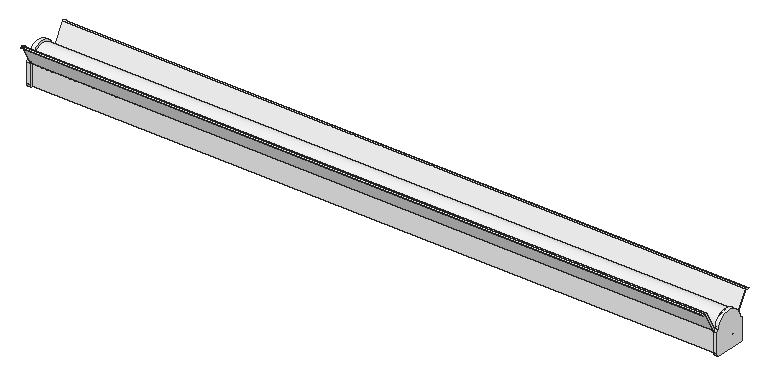
Revit family "0045214+0045235 Feilo Sylvania Lighting Fixture SYLBATTEN LED4 6000K DALI TP6 E3 with SYMMETRIC REFLECTOR ACCESSORY 1500MM", category Lighting Fixtures, host Face, Revit 2017
Family settings
  Host = Face
  Round Connector Dimension = Use Diameter
  Part Type = Normal
  OmniClass Number = 23.80.70.00
  OmniClass Title = Lighting
  Cut with Voids When Loaded = No
  Light Source = Yes
  Shared = No
  Room Calculation Point = No
Parameters (values of type "0045214 SYLBATTEN LED4 6000K DALI TP6 E3")
  Width_FEILO = 66 mm
  Weight = "3.7 kg"
  Wattage Comments = "n/a"
  Wattage = 42 W
  WarrantyStartDate [instance] = "n/a"
  WarrantyGuarantorParts = "n/a"
  WarrantyDurationUnit = "n/a"
  WarrantyDurationParts = "n/a"
  WarrantyDescription = "n/a"
  built-in parameter 1150110 = 1 (stored number, unit not read)
  Voltage = 230 V
  URL = "http://www.sylvania-lighting.com"
  TypeName = "SYLBATTEN LED4 6000K DALI TP6 E3"
  Type Image = <None>
  Type Comments = "n/a"
  built-in parameter 1114217 = 1 (stored number, unit not read)
  Tilt Angle = -90.00°
  built-in parameter 1150109 = 1 (stored number, unit not read)
  built-in parameter 1150134 = 5
  SymReflector_FEILO = yes
  built-in parameter 1150113 = 1 (stored number, unit not read)
  SerialNumber [instance] = "n/a"
  PowerFactor = 0
  PowerConsumption = "42 W"
  Photometric Web File = "0045214+0045235.ies"
  NominalLength = 1505 mm
  NominalHeight = 76 mm
  NominalDepth = 66 mm
  Name = "SYLBATTEN LED4 6000K DALI TP6 E3"
  ModelReference = Name  # "SYLBATTEN LED4 6000K DALI TP6 E3"
  ModelNumber = "0045214"
  Model = Name  # "SYLBATTEN LED4 6000K DALI TP6 E3"
  Material_4_FEILO = Reflector-Sylvania-Sylbatten-White
  Material_3_FEILO = Diffuser-Sylvania-Sylbatten-Glow
  Material_2_FEILO = Body-Sylvania-Sylbatten-White
  Material_1_FEILO = Body-Sylvania-Sylbatten-White
  Material = "sheet steel housing, polycarbonate diffuser"
  ManufacturerName = "Feilo Sylvania"
  Manufacturer = "Feilo Sylvania"
  LuminousEfficacy = "104.2 lm/W"
  built-in parameter 1150105 = 348.36 (stored number, unit not read)
  Lumens = 4377.66 lm
  LuminaireType = ""
  built-in parameter 1150115 = 1 (stored number, unit not read)
  LightOutputRatio = "100"
  built-in parameter 1150137 = (empty or 0)
  built-in parameter 1150139 = (empty or 0)
  Length_FEILO = 1505 mm
  LampsType = Lamp  # "LED"
  LampNominalLuminous = "4378 lm"
  LampMacAdamStep = "n/a"
  LampColourTemperature = "6000 K"
  LampColourRenderingIndex = "80"
  built-in parameter 1150112 = 1 (stored number, unit not read)
  built-in parameter 1150114 = 1 (stored number, unit not read)
  Lamp = "LED"
  Keynote = "16500"
  InstallationDate [instance] = "n/a"
  InputVoltage = "220-240V~"
  InputNominalFrequency = "n/a"
  built-in parameter 1150132 = (empty or 0)
  built-in parameter 1150102 = (empty or 0)
  built-in parameter 1150107 = 6000 (stored number, unit not read)
  built-in parameter 1150138 = (empty or 0)
  IngressProtection = "IP20"
  ImpactProtectionIndex = "IK07"
  built-in parameter 1150106 = 3.4836 (stored number, unit not read)
  IfcExportType = "IfcLightFixtureType"
  IfcExportAs = "IfcLightFixtureType"
  Height_FEILO = 76 mm
  ExpectedLife = 50000
  Emit from Rectangle Width = Length_FEILO - 16 mm  # 1489 mm
  Emit from Rectangle Length = Width_FEILO - 40 mm  # 26 mm
  Emit Shape Visible in Rendering = no
  ElectricShockClassification = "Class I"
  built-in parameter 1150104 = 9.6833 (stored number, unit not read)
  DurationUnit = "hours"
  DocumentationLiterature = "http://www.sylvania-lighting.com/product/en-int/products/0045214"
  DimmingControlOptions = "Dimmable"
  Dimming Lamp Color Temperature Shift = <None>
  Description = "LED batten, T8 replacement, ease of installation through 2 part push-in design of the housing (safety cable included), through wiring capability (TP6 = 6 core), sheet steel, 4377LM, 39W, 112m/W, 6000K, drive current: 350mA, CRI 80, 138° wide beam angle, DALI dimmable, integral 3 hour maintained emergency, IP20, IK07, 50,000 hrs (L70), (LxWxH) 1505x66x76mm, 5 step MacAdam ellipse, 3.7kg, white RAL 9016, Class 1, 220-240V, energy class: A++, A+, A."
  Default Elevation = 1219.2 mm
  CreatedOn = "2/22/2018"
  CreatedBy = ""
  Cost = 0
  Color Filter = 16777215
  built-in parameter 1114216 [instance] = (empty or 0)
  ClassificationValue = "EF_70_80"
  ClassificationName = "Uniclass2015"
  CapOffset_FEILO = 2 mm
  BarCode [instance] = "n/a"
  built-in parameter 1114218 = 1 (stored number, unit not read)
  BackReflector_FEILO = and(not(AsymReflector_FEILO), SymReflector_FEILO)  # yes
  built-in parameter 1150133 = 10 (stored number, unit not read)
  FrontReflector_FEILO = or(AsymReflector_FEILO, SymReflector_FEILO)  # yes
  AsymReflector_FEILO = no
  AssetType = "Fixed"
  AssetIdentifier [instance] = "n/a"
  Assembly Code = "D5020200"
  Apparent Load = 42 VA
Reference planes
  plane 1 "Center (Front/Back)": y = 0
  plane 2: z = 0
  plane 3 "Center (Left/Right)": x = 0
  plane 4: x = 752.5
  plane 5: x = -752.5
  plane 6: y = 33
  plane 7: y = -33
  plane 8: z = 76
  plane 9: z = 47
  plane 10: y = -29
  plane 11: y = 29
  plane 12: z = 20
  plane 13: z = 74
  plane 14: y = -31
  plane 15: y = -27
  plane 16: y = 27
  plane 17: y = 31
  plane 18: z = 2
  plane 19: x = -744.5
  plane 20: x = 744.5
  plane 21: z = 49
  plane 22: y = 1
  plane 23: y = -1
  plane 24: z = 21
  plane 25: z = 19
  plane 26: y = -61
  plane 27: y = 61
  plane 28: y = -56
  plane 29: y = 56
  plane 30: z = 91
  plane 31: z = 88
Forms (mm)
  Extrusion 1, solid, material "Body-Sylvania-Sylbatten-White" <- "Material_2_FEILO"
    sketch origin (0, 0, 0) x (0, 1, 0) y (0, 0, 1)
      loop
        line (-31, 2) -> (31, 2) -> (31, 45)
        arc (31, 45) -> (30.414, 46.414) -> (29, 47) r 2
        line (29, 47) -> (27, 47)
        arc (27, 47) -> (0, 74) -> (-27, 47) r 27
        line (-27, 47) -> (-29, 47)
        arc (-29, 47) -> (-30.414, 46.414) -> (-31, 45) r 2
        line (-31, 45) -> (-31, 2)
    from -744.5 to 744.5
  Extrusion 2, solid, material "Body-Sylvania-Sylbatten-White" <- "Material_2_FEILO"
    sketch origin (752.5, 1524, 1219.2) x (0, 1, 0) y (0, 0, 1)
      loop
        arc (-1494, -1219.2) -> (-1491.879, -1218.321) -> (-1491, -1216.2) r 3
        line (-1491, -1216.2) -> (-1491, -1173.2)
        arc (-1491, -1173.2) -> (-1491.879, -1171.079) -> (-1494, -1170.2) r 3
        line (-1494, -1170.2) -> (-1495.069, -1170.2)
        arc (-1495.069, -1170.2) -> (-1524, -1143.2) -> (-1552.931, -1170.2) r 29
        line (-1552.931, -1170.2) -> (-1554, -1170.2)
        arc (-1554, -1170.2) -> (-1556.121, -1171.079) -> (-1557, -1173.2) r 3
        line (-1557, -1173.2) -> (-1557, -1216.2)
        arc (-1557, -1216.2) -> (-1556.121, -1218.321) -> (-1554, -1219.2) r 3
        line (-1554, -1219.2) -> (-1494, -1219.2)
      loop
        arc (-1525, -1189.25) -> (-1531.071, -1192.129) -> (-1533.95, -1198.2) r 10
        line (-1533.95, -1198.2) -> (-1532.944, -1198.2)
        arc (-1532.944, -1198.2) -> (-1530.364, -1192.836) -> (-1525, -1190.256) r 9
        line (-1525, -1190.256) -> (-1525, -1189.25)
      loop
        arc (-1523, -1190.256) -> (-1517.636, -1192.836) -> (-1515.056, -1198.2) r 9
        line (-1515.056, -1198.2) -> (-1514.05, -1198.2)
        arc (-1514.05, -1198.2) -> (-1516.929, -1192.129) -> (-1523, -1189.25) r 10
        line (-1523, -1189.25) -> (-1523, -1190.256)
      loop
        line (-1532.944, -1200.2) -> (-1533.95, -1200.2)
        arc (-1533.95, -1200.2) -> (-1531.071, -1206.271) -> (-1525, -1209.15) r 10
        line (-1525, -1209.15) -> (-1525, -1208.144)
        arc (-1525, -1208.144) -> (-1530.364, -1205.564) -> (-1532.944, -1200.2) r 9
      loop
        arc (-1515.056, -1200.2) -> (-1517.636, -1205.564) -> (-1523, -1208.144) r 9
        line (-1523, -1208.144) -> (-1523, -1209.15)
        arc (-1523, -1209.15) -> (-1516.929, -1206.271) -> (-1514.05, -1200.2) r 10
        line (-1514.05, -1200.2) -> (-1515.056, -1200.2)
    from 0 to -8
  Extrusion 3, solid, material "Body-Sylvania-Sylbatten-White" <- "Material_2_FEILO"
    sketch origin (-752.5, 1524, 1219.2) x (0, 1, 0) y (0, 0, 1)
      loop
        arc (-1495.069, -1170.2) -> (-1524, -1143.2) -> (-1552.931, -1170.2) r 29
        line (-1552.931, -1170.2) -> (-1554, -1170.2)
        arc (-1554, -1170.2) -> (-1556.121, -1171.079) -> (-1557, -1173.2) r 3
        line (-1557, -1173.2) -> (-1557, -1216.2)
        arc (-1557, -1216.2) -> (-1556.121, -1218.321) -> (-1554, -1219.2) r 3
        line (-1554, -1219.2) -> (-1494, -1219.2)
        arc (-1494, -1219.2) -> (-1491.879, -1218.321) -> (-1491, -1216.2) r 3
        line (-1491, -1216.2) -> (-1491, -1173.2)
        arc (-1491, -1173.2) -> (-1491.879, -1171.079) -> (-1494, -1170.2) r 3
        line (-1494, -1170.2) -> (-1495.069, -1170.2)
      loop
        line (-1533.95, -1198.2) -> (-1532.944, -1198.2)
        arc (-1532.944, -1198.2) -> (-1530.364, -1192.836) -> (-1525, -1190.256) r 9
        line (-1525, -1190.256) -> (-1525, -1189.25)
        arc (-1525, -1189.25) -> (-1531.071, -1192.129) -> (-1533.95, -1198.2) r 10
      loop
        line (-1523, -1189.25) -> (-1523, -1190.256)
        arc (-1523, -1190.256) -> (-1517.636, -1192.836) -> (-1515.056, -1198.2) r 9
        line (-1515.056, -1198.2) -> (-1514.05, -1198.2)
        arc (-1514.05, -1198.2) -> (-1516.929, -1192.129) -> (-1523, -1189.25) r 10
      loop
        line (-1514.05, -1200.2) -> (-1515.056, -1200.2)
        arc (-1515.056, -1200.2) -> (-1517.636, -1205.564) -> (-1523, -1208.144) r 9
        line (-1523, -1208.144) -> (-1523, -1209.15)
        arc (-1523, -1209.15) -> (-1516.929, -1206.271) -> (-1514.05, -1200.2) r 10
      loop
        line (-1525, -1209.15) -> (-1525, -1208.144)
        arc (-1525, -1208.144) -> (-1530.364, -1205.564) -> (-1532.944, -1200.2) r 9
        line (-1532.944, -1200.2) -> (-1533.95, -1200.2)
        arc (-1533.95, -1200.2) -> (-1531.071, -1206.271) -> (-1525, -1209.15) r 10
    from 0 to 8
  Extrusion 4, solid, material "Reflector-Sylvania-Sylbatten-White" <- "Material_4_FEILO", visible <- "FrontReflector_FEILO"
    sketch origin (0, 0, 0) x (0, 1, 0) y (0, 0, 1)
      loop
        line (-61.257, 88.429) -> (-60.743, 87.571) -> (-56.621, 90.044)
        arc (-56.621, 90.044) -> (-56.237, 90.099) -> (-55.929, 89.863) r 0.5
        line (-55.929, 89.863) -> (-31.435, 46.753) -> (-30.565, 47.247) -> (-55.312, 90.802)
        arc (-55.312, 90.802) -> (-55.928, 91.275) -> (-56.696, 91.165) r 1
        line (-56.696, 91.165) -> (-61.257, 88.429)
    from -744.5 to 744.5
  Extrusion 5, solid, material "Reflector-Sylvania-Sylbatten-White" <- "Material_4_FEILO", visible <- "BackReflector_FEILO"
    sketch origin (0, 0, 0) x (0, 1, 0) y (0, 0, 1)
      loop
        line (30.565, 47.247) -> (31.435, 46.753) -> (55.932, 89.868)
        arc (55.932, 89.868) -> (56.245, 90.112) -> (56.638, 90.062) r 0.518
        line (56.638, 90.062) -> (61.033, 87.565) -> (61.527, 88.435) -> (56.682, 91.188)
        arc (56.682, 91.188) -> (55.922, 91.282) -> (55.318, 90.812) r 1
        line (55.318, 90.812) -> (30.565, 47.247)
    from -744.5 to 744.5
Lines and regions (mm)
  reference lines
    curve 1: line (0, -61, 88) -> (0, -56, 91)
    curve 2: line (0, -56, 91) -> (0, -31, 47)
    curve 3: line (0, 31, 47) -> (0, 56, 91)
    curve 4: line (0, 56, 91) -> (0, 61.28, 88)
Dimensions and locks
  equal spacing: plane 5, plane 3 "Center (Left/Right)", plane 4
  equal spacing: plane 7, plane 1 "Center (Front/Back)", plane 6
  "Width_FEILO": plane 7 to plane 6
  "Length_FEILO": plane 5 to plane 4
  "Height_FEILO": plane 8 to plane 2
  locked: plane 9 to plane 8 at 29
  equal spacing: plane 10, plane 1 "Center (Front/Back)", plane 11
  locked: plane 7 to plane 10 at 4
  locked: plane 12 to plane 2 at 20
  "CapOffset_FEILO": plane 13 to plane 8
  "CapOffset_FEILO": plane 7 to plane 14
  "CapOffset_FEILO": plane 10 to plane 15
  "CapOffset_FEILO": plane 17 to plane 6
  "CapOffset_FEILO": plane 16 to plane 11
  "CapOffset_FEILO": plane 18 to plane 2
  locked: plane 14 to Extrusion 1 sketch curve at 2
  locked: Extrusion 1 sketch curve to plane 9 at 2  (x2)
  locked: plane 16 to Extrusion 1 sketch curve at 2
  equal spacing: plane 19, plane 3 "Center (Left/Right)", plane 20
  locked: plane 5 to plane 19 at 8
  "CapOffset_FEILO": plane 9 to plane 21
  locked: Extrusion 2 sketch curve to plane 2 at 47
  locked: Extrusion 1 sketch curve to plane 2 at 47
  locked: Extrusion 2 sketch curve to plane 2 at 3  (x2)
  locked: plane 7 to Extrusion 2 sketch curve at 3  (x2)
  locked: Extrusion 2 sketch curve to plane 6 at 3  (x2)
  locked: Extrusion 2 sketch curve to plane 21 at 3  (x2)
  equal spacing: plane 23, plane 1 "Center (Front/Back)", plane 22
  equal spacing: plane 25, plane 12, plane 24
  plane 30 to plane 31 to plane 2 = 3 mm locked, 88 mm locked
  plane 28 to plane 29 = 112 mm
  plane 26 to plane 27 = 122 mm
  aligned and locked: plane 2 to host face
  aligned and locked: level to host face
  aligned and locked: plane 18 to Extrusion 1 sketch curve
  aligned and locked: plane 14 to Extrusion 1 sketch curve
  aligned and locked: Extrusion 1 sketch curve to plane 9  (x2)
  aligned and locked: Extrusion 1 sketch curve to plane 17
  aligned and locked: plane 15 to Extrusion 1 sketch curve
  aligned and locked: plane 16 to Extrusion 1 sketch curve
  aligned and locked: plane 9 to Extrusion 1 sketch curve
  aligned and locked: plane 20 to Extrusion 1
  aligned and locked: level to Extrusion 2 sketch curve
  aligned and locked: Extrusion 2 sketch curve to plane 7
  aligned and locked: plane 21 to Extrusion 2 sketch curve
  aligned and locked: Extrusion 2 sketch curve to plane 21
  aligned and locked: plane 1 "Center (Front/Back)" to Extrusion 2 sketch curve  (x3)
  aligned and locked: Extrusion 2 to Extrusion 1
  aligned and locked: plane 4 to Extrusion 2
  aligned and locked: plane 12 to Extrusion 2 sketch curve  (x2)
  aligned and locked: Extrusion 2 sketch curve to plane 22
  aligned and locked: Extrusion 2 sketch curve to plane 23
  aligned and locked: Extrusion 2 sketch curve to plane 24
  aligned and locked: Extrusion 2 sketch curve to plane 25
  aligned and locked: plane 25 to Extrusion 2 sketch curve
  aligned and locked: plane 22 to Extrusion 2 sketch curve
  aligned and locked: plane 24 to Extrusion 2 sketch curve
  aligned and locked: plane 23 to Extrusion 2 sketch curve  (x2)
  aligned and locked: Extrusion 3 sketch curve to Extrusion 2  (x22)
  aligned and locked: Extrusion 3 to Extrusion 1
  aligned and locked: Extrusion 3 to plane 5
  aligned and locked: plane 19 to Extrusion 3
  aligned and locked: plane 31 to curve 1
  aligned and locked: plane 30 to curve 1
  aligned and locked: plane 14 to curve 2
  aligned and locked: plane 9 to curve 2
  aligned and locked: plane 17 to curve 3
  aligned and locked: plane 30 to curve 3
  aligned and locked: plane 31 to curve 4
  aligned and locked: Extrusion 4 sketch curve to curve 2
  aligned and locked: Extrusion 4 sketch curve to curve 1
  aligned and locked: Extrusion 4 to Extrusion 1
  aligned and locked: Extrusion 1 to Extrusion 4
  aligned and locked: imposter light to plane 1 "Center (Front/Back)"
  aligned and locked: imposter light to plane 3 "Center (Left/Right)"
  aligned and locked: imposter light to plane 13
  aligned and locked: Extrusion 5 sketch curve to curve 4
  aligned and locked: Extrusion 5 sketch curve to curve 3
  aligned and locked: Extrusion 1 to Extrusion 5
  aligned and locked: Extrusion 5 to Extrusion 1
Automatic sketch dimensions
  host sketch curve to host sketch curve = 2438.4 mm  (x2)
  Extrusion 2 sketch curve to Extrusion 2 sketch curve = 0 mm  (x14)
  Extrusion 2 sketch curve to plane 10 = 0.069 mm
  plane 23 to Extrusion 2 sketch curve = 8.95 mm
  Extrusion 2 sketch curve to Extrusion 2 sketch curve = 1.006 mm  (x4)
  Extrusion 2 sketch curve to plane 22 = 7.944 mm
  curve 1 to plane 26 = 0 mm
  curve 2 to plane 28 = 0 mm
  curve 4 to plane 29 = 0 mm
  plane 9 to curve 3 = 0 mm
  plane 26 to Extrusion 4 sketch curve = 0.257 mm
  Extrusion 4 sketch curve to plane 26 = 0.257 mm
  Extrusion 4 sketch curve to plane 30 = 0.165 mm
  plane 28 to Extrusion 4 sketch curve = 0.696 mm
  plane 28 to Extrusion 4 sketch curve = 0.621 mm
  plane 28 to Extrusion 4 sketch curve = 0.364 mm
  plane 28 to Extrusion 4 sketch curve = 0.182 mm
  Extrusion 4 sketch curve to plane 28 = 0.071 mm
  plane 30 to Extrusion 4 sketch curve = 0.198 mm
  Extrusion 4 sketch curve to plane 28 = 0.688 mm
  plane 9 to Extrusion 4 sketch curve = 0.247 mm
  plane 1 "Center (Front/Back)" to Extrusion 4 sketch curve = 31.435 mm
  Extrusion 5 sketch curve to plane 9 = 0.247 mm
  Extrusion 5 sketch curve to plane 1 "Center (Front/Back)" = 30.565 mm
  plane 9 to Extrusion 5 sketch curve = 0.247 mm
  plane 30 to Extrusion 5 sketch curve = 0.188 mm
  plane 29 to Extrusion 5 sketch curve = 0.068 mm
  Extrusion 5 sketch curve to plane 29 = 0.188 mm
  Extrusion 5 sketch curve to plane 29 = 0.382 mm
  Extrusion 5 sketch curve to Extrusion 5 sketch curve = 0.256 mm
  Extrusion 5 sketch curve to plane 30 = 0.188 mm
  Extrusion 5 sketch curve to plane 29 = 0.682 mm
  Extrusion 5 sketch curve to plane 27 = 0.033 mm
  Extrusion 5 sketch curve to plane 27 = 0.527 mm
Connectors
  electrical at (0, 0, 0), driven by "Apparent Load", driven by "PowerFactor", driven by "Voltage"
    settings: index 1, voltage 230 V, apparent load 42 VA, apparent load phase1 0 VA, apparent load phase2 0 VA, apparent load phase3 0 VA, power factor 0, load classification "Lighting", number of poles 1, system type 30, power factor state 1, is connector primary yes, connector utility no, sub classification motor no, connector description ""
